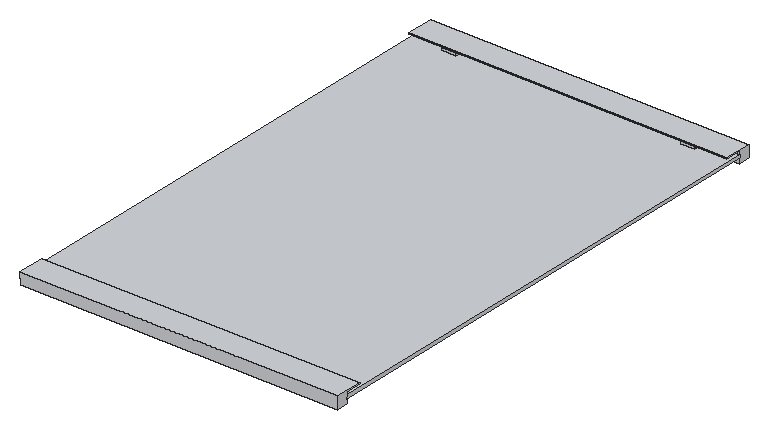
Revit family "GHent - Haven - Outdoor Glassboard", category Generic Models, host Face, Revit 2019
Family settings
  Host = Face
  Can host rebar = No
  Round Connector Dimension = Use Diameter
  Part Type = Normal
  Cut with Voids When Loaded = No
  Shared = No
  Room Calculation Point = No
Parameters (values of type "6'H x 4'W")
  Width = if(Model Type = 0, 4' 0", if(Model Type = 1, 8' 0", if(Model Type = 2, 12' 0", 4' 0")))  # 4' - 0"
  Model Type = 0
  Model = "HVN-64_"
  Manufacturer = "Ghent"  # constant formula
  Glassboard [instance] = none
  Frame [instance] = none
  Description = "Haven Outdoor Glassboard"  # constant formula
  Default Elevation = 4' - 0"
  3 Panel Void = if(Model Type = 2, 0' 3", 0' 0 1/2")  # 0' - 0 1/2"
  3 Panel Supports = Width = 12' 0"  # no
  2 Panel Void = if(Model Type = 1, 0' 3", 0' 0 1/2")  # 0' - 0 1/2"
  2 Panel Supports = Width = 8' 0"  # no
  1 Panel Supports = if(Width = 4' 0", 1 = 1, if(Width = 8' 0", 1 = 0, 1 = 1))  # yes
Types (4): name | Width | Model Type | Model | 3 Panel Void | 3 Panel Supports | 2 Panel Void | 2 Panel Supports | 1 Panel Supports
  (no name) | 4' - 0" | 0 | "HVN-64_" | 0' - 0 1/2" | no | 0' - 0 1/2" | no | yes
  6'H x 4'W | 4' - 0" | 0 | "HVN-64_" | 0' - 0 1/2" | no | 0' - 0 1/2" | no | yes
  6'H x 8'W | 8' - 0" | 1 | "HVN-68_" | 0' - 0 1/2" | no | 0' - 3" | yes | no
  6'H x 12'W | 12' - 0" | 2 | "HVN-612_" | 0' - 3" | yes | 0' - 0 1/2" | no | yes
Reference planes (in)
  plane 1 "Center (Front/Back)": y = 0
  plane 2: z = 0
  plane 3 "Center (Left/Right)": x = 0
  plane 4 "top": y = 38.6875
  plane 5: x = -24
  plane 6: x = 24
  plane 7 "Center L/S": y = -38.6875
Forms (in)
  Sweep 1, solid, material <- "Frame"
    path origin (0, 0, 0) x (1, 0, 0) y (0, 1, 0)
      loop
        line (-24, 38.6875) -> (24, 38.6875)
    profile origin (0, 38.6875, 0) x (0, 1, 0) y (0, 0, 1)
      loop
        line (0, 1.8125) -> (-4, 1.8125) -> (-4, 1.6875) -> (-1.625, 1.6875) -> (-1.625, 0) -> (0, 0) -> (0, 1.8125)
  Sweep 2, solid, material <- "Frame"
    path origin (0, 0, 0) x (1, 0, 0) y (0, -1, 0)
      loop
        line (-24, 38.6875) -> (24, 38.6875)
    profile origin (0, -38.6875, 0) x (0, 1, 0) y (0, 0, 1)
      loop
        line (0, 1.8125) -> (0, 0) -> (1.625, 0) -> (1.625, 1.6875) -> (4, 1.6875) -> (4, 1.8125) -> (0, 1.8125)
  Extrusion 3, solid, material <- "Glassboard"
    sketch origin (0, 0, 0) x (1, 0, 0) y (0, 1, 0)
      loop
        line (-24, 37.0625) -> (-24, -37.0625) -> (24, -37.0625) -> (24, 37.0625) -> (-24, 37.0625)
    from 0.71253 to 1.22497
  Extrusion 4, solid, material <- "Frame", visible <- "1 Panel Supports"
    sketch origin (0, 0, 0) x (0, 1, 0) y (0, 0, 1)
      loop
        line (-34.73125, 1.22497) -> (-34.73125, 1.59218) -> (-37.0625, 1.59218) -> (-37.0625, 1.22497) -> (-34.73125, 1.22497)
      loop
        line (-34.73125, 0.34532) -> (-34.73125, 0.71253) -> (-37.0625, 0.71253) -> (-37.0625, 0.34532) -> (-34.73125, 0.34532)
      loop
        line (34.73125, 1.22497) -> (37.0625, 1.22497) -> (37.0625, 1.59218) -> (34.73125, 1.59218) -> (34.73125, 1.22497)
      loop
        line (34.73125, 0.34532) -> (37.0625, 0.34532) -> (37.0625, 0.71253) -> (34.73125, 0.71253) -> (34.73125, 0.34532)
    from -19.0625 to -16.9375
  Extrusion 5, solid, material <- "Frame", visible <- "1 Panel Supports"
    sketch origin (0, 0, 0) x (0, 1, 0) y (0, 0, -1)
      loop
        line (-34.73125, -1.22497) -> (-37.0625, -1.22497) -> (-37.0625, -1.59218) -> (-34.73125, -1.59218) -> (-34.73125, -1.22497)
      loop
        line (-34.73125, -0.34532) -> (-37.0625, -0.34532) -> (-37.0625, -0.71253) -> (-34.73125, -0.71253) -> (-34.73125, -0.34532)
      loop
        line (34.73125, -1.22497) -> (34.73125, -1.59218) -> (37.0625, -1.59218) -> (37.0625, -1.22497) -> (34.73125, -1.22497)
      loop
        line (34.73125, -0.34532) -> (34.73125, -0.71253) -> (37.0625, -0.71253) -> (37.0625, -0.34532) -> (34.73125, -0.34532)
    from -19.0625 to -16.9375
  Extrusion 6, solid, material <- "Frame", visible <- "2 Panel Supports"
    sketch origin (-24.02344, 0, 0) x (0, 1, 0) y (0, 0, 1)
      loop
        line (-34.73125, 1.22497) -> (-34.73125, 1.59218) -> (-37.0625, 1.59218) -> (-37.0625, 1.22497) -> (-34.73125, 1.22497)
      loop
        line (-34.73125, 0.34532) -> (-34.73125, 0.71253) -> (-37.0625, 0.71253) -> (-37.0625, 0.34532) -> (-34.73125, 0.34532)
      loop
        line (34.73125, 1.22497) -> (37.0625, 1.22497) -> (37.0625, 1.59218) -> (34.73125, 1.59218) -> (34.73125, 1.22497)
      loop
        line (34.73125, 0.34532) -> (37.0625, 0.34532) -> (37.0625, 0.71253) -> (34.73125, 0.71253) -> (34.73125, 0.34532)
    from -19.0625 to -16.9375
  Extrusion 7, solid, material <- "Frame", visible <- "2 Panel Supports"
    sketch origin (-24.02344, 0, 0) x (0, 1, 0) y (0, 0, -1)
      loop
        line (-34.73125, -1.22497) -> (-37.0625, -1.22497) -> (-37.0625, -1.59218) -> (-34.73125, -1.59218) -> (-34.73125, -1.22497)
      loop
        line (-34.73125, -0.34532) -> (-37.0625, -0.34532) -> (-37.0625, -0.71253) -> (-34.73125, -0.71253) -> (-34.73125, -0.34532)
      loop
        line (34.73125, -1.22497) -> (34.73125, -1.59218) -> (37.0625, -1.59218) -> (37.0625, -1.22497) -> (34.73125, -1.22497)
      loop
        line (34.73125, -0.34532) -> (34.73125, -0.71253) -> (37.0625, -0.71253) -> (37.0625, -0.34532) -> (34.73125, -0.34532)
    from -19.0625 to -16.9375
  Extrusion 8, solid, material <- "Frame", visible <- "2 Panel Supports"
    sketch origin (24.02344, 0, 0) x (0, 1, 0) y (0, 0, -1)
      loop
        line (-34.73125, -1.22497) -> (-37.0625, -1.22497) -> (-37.0625, -1.59218) -> (-34.73125, -1.59218) -> (-34.73125, -1.22497)
      loop
        line (-34.73125, -0.34532) -> (-37.0625, -0.34532) -> (-37.0625, -0.71253) -> (-34.73125, -0.71253) -> (-34.73125, -0.34532)
      loop
        line (34.73125, -1.22497) -> (34.73125, -1.59218) -> (37.0625, -1.59218) -> (37.0625, -1.22497) -> (34.73125, -1.22497)
      loop
        line (34.73125, -0.34532) -> (34.73125, -0.71253) -> (37.0625, -0.71253) -> (37.0625, -0.34532) -> (34.73125, -0.34532)
    from -19.0625 to -16.9375
  Extrusion 9, solid, material <- "Frame", visible <- "2 Panel Supports"
    sketch origin (24.02344, 0, 0) x (0, 1, 0) y (0, 0, 1)
      loop
        line (-34.73125, 1.22497) -> (-34.73125, 1.59218) -> (-37.0625, 1.59218) -> (-37.0625, 1.22497) -> (-34.73125, 1.22497)
      loop
        line (-34.73125, 0.34532) -> (-34.73125, 0.71253) -> (-37.0625, 0.71253) -> (-37.0625, 0.34532) -> (-34.73125, 0.34532)
      loop
        line (34.73125, 1.22497) -> (37.0625, 1.22497) -> (37.0625, 1.59218) -> (34.73125, 1.59218) -> (34.73125, 1.22497)
      loop
        line (34.73125, 0.34532) -> (37.0625, 0.34532) -> (37.0625, 0.71253) -> (34.73125, 0.71253) -> (34.73125, 0.34532)
    from -19.0625 to -16.9375
  Extrusion 10, solid, material <- "Frame", visible <- "3 Panel Supports"
    sketch origin (-48.04687, 0, 0) x (0, 1, 0) y (0, 0, 1)
      loop
        line (-34.73125, 1.22497) -> (-34.73125, 1.59218) -> (-37.0625, 1.59218) -> (-37.0625, 1.22497) -> (-34.73125, 1.22497)
      loop
        line (-34.73125, 0.34532) -> (-34.73125, 0.71253) -> (-37.0625, 0.71253) -> (-37.0625, 0.34532) -> (-34.73125, 0.34532)
      loop
        line (34.73125, 1.22497) -> (37.0625, 1.22497) -> (37.0625, 1.59218) -> (34.73125, 1.59218) -> (34.73125, 1.22497)
      loop
        line (34.73125, 0.34532) -> (37.0625, 0.34532) -> (37.0625, 0.71253) -> (34.73125, 0.71253) -> (34.73125, 0.34532)
    from -19.0625 to -16.9375
  Extrusion 11, solid, material <- "Frame", visible <- "3 Panel Supports"
    sketch origin (-48.04687, 0, 0) x (0, 1, 0) y (0, 0, -1)
      loop
        line (-34.73125, -1.22497) -> (-37.0625, -1.22497) -> (-37.0625, -1.59218) -> (-34.73125, -1.59218) -> (-34.73125, -1.22497)
      loop
        line (-34.73125, -0.34532) -> (-37.0625, -0.34532) -> (-37.0625, -0.71253) -> (-34.73125, -0.71253) -> (-34.73125, -0.34532)
      loop
        line (34.73125, -1.22497) -> (34.73125, -1.59218) -> (37.0625, -1.59218) -> (37.0625, -1.22497) -> (34.73125, -1.22497)
      loop
        line (34.73125, -0.34532) -> (34.73125, -0.71253) -> (37.0625, -0.71253) -> (37.0625, -0.34532) -> (34.73125, -0.34532)
    from -19.0625 to -16.9375
  Extrusion 12, solid, material <- "Frame", visible <- "3 Panel Supports"
    sketch origin (48.04687, 0, 0) x (0, 1, 0) y (0, 0, -1)
      loop
        line (-34.73125, -1.22497) -> (-37.0625, -1.22497) -> (-37.0625, -1.59218) -> (-34.73125, -1.59218) -> (-34.73125, -1.22497)
      loop
        line (-34.73125, -0.34532) -> (-37.0625, -0.34532) -> (-37.0625, -0.71253) -> (-34.73125, -0.71253) -> (-34.73125, -0.34532)
      loop
        line (34.73125, -1.22497) -> (34.73125, -1.59218) -> (37.0625, -1.59218) -> (37.0625, -1.22497) -> (34.73125, -1.22497)
      loop
        line (34.73125, -0.34532) -> (34.73125, -0.71253) -> (37.0625, -0.71253) -> (37.0625, -0.34532) -> (34.73125, -0.34532)
    from -19.0625 to -16.9375
  Extrusion 13, solid, material <- "Frame", visible <- "3 Panel Supports"
    sketch origin (48.04687, 0, 0) x (0, 1, 0) y (0, 0, 1)
      loop
        line (-34.73125, 1.22497) -> (-34.73125, 1.59218) -> (-37.0625, 1.59218) -> (-37.0625, 1.22497) -> (-34.73125, 1.22497)
      loop
        line (-34.73125, 0.34532) -> (-34.73125, 0.71253) -> (-37.0625, 0.71253) -> (-37.0625, 0.34532) -> (-34.73125, 0.34532)
      loop
        line (34.73125, 1.22497) -> (37.0625, 1.22497) -> (37.0625, 1.59218) -> (34.73125, 1.59218) -> (34.73125, 1.22497)
      loop
        line (34.73125, 0.34532) -> (37.0625, 0.34532) -> (37.0625, 0.71253) -> (34.73125, 0.71253) -> (34.73125, 0.34532)
    from -19.0625 to -16.9375
  Extrusion 14, void
    sketch origin (0, 0, 0) x (1, 0, 0) y (0, 1, 0)
      loop
        line (-0.03125, 41.6875) -> (-0.03125, -44.3125) -> (0.03125, -44.3125) -> (0.03125, 41.6875) -> (-0.03125, 41.6875)
    from 0 to 0.5 <- "2 Panel Void"
  Extrusion 15, void
    sketch origin (-24, 0, 0) x (1, 0, 0) y (0, 1, 0)
      loop
        line (-0.03125, 41.6875) -> (-0.03125, -44.3125) -> (0.03125, -44.3125) -> (0.03125, 41.6875) -> (-0.03125, 41.6875)
      loop
        line (48.03125, 41.6875) -> (47.96875, 41.6875) -> (47.96875, -44.3125) -> (48.03125, -44.3125) -> (48.03125, 41.6875)
    from 0 to 0.5 <- "3 Panel Void"
Cuts and joins
  Extrusion 14, Extrusion 15 cuts Extrusion 3
Lines and regions (in)
  Masking region 1
    outline origin (0, 0, 0) x (1, 0, 0) y (0, 0, 1)
      loop
        line (-24, 1.8125) -> (-24, 0) -> (24, 0) -> (24, 1.8125) -> (-24, 1.8125)
  symbolic lines, detail levels fine
    curve 1: line (-24, 0, 1.22497) -> (24, 0, 1.22497)
    curve 2: line (-24, 0, 0.71253) -> (24, 0, 0.71253)
Dimensions and locks (in)
  equal spacing: plane 5, plane 3 "Center (Left/Right)", plane 6
  "Width": plane 5 to plane 6
  locked: Extrusion 15 sketch curve to Extrusion 15 sketch curve at 0.0625  (x2)
  locked: plane 3 "Center (Left/Right)" to Extrusion 15 sketch curve at 23.96875
  locked: Extrusion 15 sketch curve to plane 3 "Center (Left/Right)" at 23.96875
  aligned and locked: plane 2 to host face
  aligned and locked: level to host face
  aligned and locked: plane 5 to Sweep 1 sketch curve
  aligned and locked: plane 6 to Sweep 1 sketch curve
  aligned and locked: Sweep 1 sketch curve to plane 4 "top"
  aligned and locked: plane 7 "Center L/S" to Sweep 2 sketch curve
  aligned and locked: plane 5 to Sweep 2 sketch curve
  aligned and locked: plane 6 to Sweep 2 sketch curve
  aligned and locked: plane 5 to Extrusion 3 sketch curve
  aligned and locked: plane 6 to Extrusion 3 sketch curve
  aligned and locked: Extrusion 3 sketch curve to Sweep 1
  aligned and locked: Extrusion 3 sketch curve to Sweep 2
  aligned and locked: Extrusion 3 to plane 5
  aligned and locked: Extrusion 3 to plane 6
  aligned and locked: plane 6 to Masking region 1 sketch curve
  aligned and locked: plane 5 to Masking region 1 sketch curve
  aligned and locked: plane 6 to curve 1
  aligned and locked: plane 5 to curve 1
  aligned and locked: plane 5 to curve 2
  aligned and locked: plane 6 to curve 2
Automatic sketch dimensions
  host sketch curve to host sketch curve = 8' - 0"  (x2)
  Sweep 1 sketch curve to level = 0' - 0"
  Sweep 1 sketch curve to profile plane = 0' - 0"
  profile plane to Sweep 1 sketch curve = 0' - 1 5/8"
  Sweep 1 sketch curve to Sweep 1 sketch curve = 0' - 2 3/8"
  Sweep 1 sketch curve to Sweep 1 sketch curve = 0' - 1 11/16"
  Sweep 1 sketch curve to Sweep 1 sketch curve = 0' - 0 1/8"
  Sweep 2 sketch curve to profile plane = 0' - 0"
  Sweep 2 sketch curve to level = 0' - 0"
  Sweep 2 sketch curve to profile plane = 0' - 1 5/8"
  Sweep 2 sketch curve to Sweep 2 sketch curve = 0' - 2 3/8"
  Sweep 2 sketch curve to Sweep 2 sketch curve = 0' - 1 11/16"
  Sweep 2 sketch curve to Sweep 2 sketch curve = 0' - 0 1/8"
  level to Extrusion 4 sketch curve = 0' - 0.34532"  (x2)
  Extrusion 4 sketch curve to plane 7 "Center L/S" = 0' - 1 5/8"
  Extrusion 4 sketch curve to Extrusion 4 sketch curve = 0' - 0"  (x4)
  level to Extrusion 4 sketch curve = 0' - 0.71253"
  Extrusion 4 sketch curve to Extrusion 4 sketch curve = 0' - 2.33125"
  level to Extrusion 4 sketch curve = 0' - 1.22497"
  Extrusion 4 sketch curve to plane 4 "top" = 0' - 3.95625"
  Extrusion 4 sketch curve to plane 4 "top" = 0' - 1 5/8"
  Extrusion 4 sketch curve to Extrusion 4 sketch curve = 0' - 0 47/128"  (x3)
  Extrusion 4 sketch curve to Extrusion 4 sketch curve = 0' - 0.51244"
  level to Extrusion 5 sketch curve = 0' - 0.34532"  (x2)
  Extrusion 5 sketch curve to plane 7 "Center L/S" = 0' - 1 5/8"
  Extrusion 5 sketch curve to Extrusion 5 sketch curve = 0' - 0"  (x4)
  level to Extrusion 5 sketch curve = 0' - 0.71253"
  Extrusion 5 sketch curve to Extrusion 5 sketch curve = 0' - 2.33125"
  level to Extrusion 5 sketch curve = 0' - 1.22497"
  Extrusion 5 sketch curve to plane 4 "top" = 0' - 3.95625"
  Extrusion 5 sketch curve to plane 4 "top" = 0' - 1 5/8"
  Extrusion 5 sketch curve to Extrusion 5 sketch curve = 0' - 0 47/128"  (x3)
  Extrusion 5 sketch curve to Extrusion 5 sketch curve = 0' - 0.87965"
  level to Extrusion 6 sketch curve = 0' - 0.34532"  (x2)
  Extrusion 6 sketch curve to plane 7 "Center L/S" = 0' - 1 5/8"
  Extrusion 6 sketch curve to Extrusion 6 sketch curve = 0' - 0"  (x4)
  level to Extrusion 6 sketch curve = 0' - 0.71253"
  Extrusion 6 sketch curve to Extrusion 6 sketch curve = 0' - 2.33125"
  level to Extrusion 6 sketch curve = 0' - 1.22497"
  Extrusion 6 sketch curve to plane 4 "top" = 0' - 3.95625"
  Extrusion 6 sketch curve to plane 4 "top" = 0' - 1 5/8"
  Extrusion 6 sketch curve to Extrusion 6 sketch curve = 0' - 0 47/128"  (x3)
  Extrusion 6 sketch curve to Extrusion 6 sketch curve = 0' - 0.51244"
  level to Extrusion 7 sketch curve = 0' - 0.34532"  (x2)
  Extrusion 7 sketch curve to plane 7 "Center L/S" = 0' - 1 5/8"
  Extrusion 7 sketch curve to Extrusion 7 sketch curve = 0' - 0"  (x4)
  level to Extrusion 7 sketch curve = 0' - 0.71253"
  Extrusion 7 sketch curve to Extrusion 7 sketch curve = 0' - 2.33125"
  level to Extrusion 7 sketch curve = 0' - 1.22497"
  Extrusion 7 sketch curve to plane 4 "top" = 0' - 3.95625"
  Extrusion 7 sketch curve to plane 4 "top" = 0' - 1 5/8"
  Extrusion 7 sketch curve to Extrusion 7 sketch curve = 0' - 0 47/128"  (x3)
  Extrusion 7 sketch curve to Extrusion 7 sketch curve = 0' - 0.87965"
  level to Extrusion 8 sketch curve = 0' - 0.34532"  (x2)
  Extrusion 8 sketch curve to plane 7 "Center L/S" = 0' - 1 5/8"
  Extrusion 8 sketch curve to Extrusion 8 sketch curve = 0' - 0"  (x4)
  level to Extrusion 8 sketch curve = 0' - 0.71253"
  Extrusion 8 sketch curve to Extrusion 8 sketch curve = 0' - 2.33125"
  level to Extrusion 8 sketch curve = 0' - 1.22497"
  Extrusion 8 sketch curve to plane 4 "top" = 0' - 3.95625"
  Extrusion 8 sketch curve to plane 4 "top" = 0' - 1 5/8"
  Extrusion 8 sketch curve to Extrusion 8 sketch curve = 0' - 0 47/128"  (x3)
  Extrusion 8 sketch curve to Extrusion 8 sketch curve = 0' - 0.87965"
  level to Extrusion 9 sketch curve = 0' - 0.34532"  (x2)
  Extrusion 9 sketch curve to plane 7 "Center L/S" = 0' - 1 5/8"
  Extrusion 9 sketch curve to Extrusion 9 sketch curve = 0' - 0"  (x4)
  level to Extrusion 9 sketch curve = 0' - 0.71253"
  Extrusion 9 sketch curve to Extrusion 9 sketch curve = 0' - 2.33125"
  level to Extrusion 9 sketch curve = 0' - 1.22497"
  Extrusion 9 sketch curve to plane 4 "top" = 0' - 3.95625"
  Extrusion 9 sketch curve to plane 4 "top" = 0' - 1 5/8"
  Extrusion 9 sketch curve to Extrusion 9 sketch curve = 0' - 0 47/128"  (x3)
  Extrusion 9 sketch curve to Extrusion 9 sketch curve = 0' - 0.51244"
  level to Extrusion 10 sketch curve = 0' - 0.34532"  (x2)
  Extrusion 10 sketch curve to plane 7 "Center L/S" = 0' - 1 5/8"
  Extrusion 10 sketch curve to Extrusion 10 sketch curve = 0' - 0"  (x4)
  level to Extrusion 10 sketch curve = 0' - 0.71253"
  Extrusion 10 sketch curve to Extrusion 10 sketch curve = 0' - 2.33125"
  level to Extrusion 10 sketch curve = 0' - 1.22497"
  Extrusion 10 sketch curve to plane 4 "top" = 0' - 3.95625"
  Extrusion 10 sketch curve to plane 4 "top" = 0' - 1 5/8"
  Extrusion 10 sketch curve to Extrusion 10 sketch curve = 0' - 0 47/128"  (x3)
  Extrusion 10 sketch curve to Extrusion 10 sketch curve = 0' - 0.51244"
  level to Extrusion 11 sketch curve = 0' - 0.34532"  (x2)
  Extrusion 11 sketch curve to plane 7 "Center L/S" = 0' - 1 5/8"
  Extrusion 11 sketch curve to Extrusion 11 sketch curve = 0' - 0"  (x4)
  level to Extrusion 11 sketch curve = 0' - 0.71253"
  Extrusion 11 sketch curve to Extrusion 11 sketch curve = 0' - 2.33125"
  level to Extrusion 11 sketch curve = 0' - 1.22497"
  Extrusion 11 sketch curve to plane 4 "top" = 0' - 3.95625"
  Extrusion 11 sketch curve to plane 4 "top" = 0' - 1 5/8"
  Extrusion 11 sketch curve to Extrusion 11 sketch curve = 0' - 0 47/128"  (x3)
  Extrusion 11 sketch curve to Extrusion 11 sketch curve = 0' - 0.87965"
  level to Extrusion 12 sketch curve = 0' - 0.34532"  (x2)
  Extrusion 12 sketch curve to plane 7 "Center L/S" = 0' - 1 5/8"
  Extrusion 12 sketch curve to Extrusion 12 sketch curve = 0' - 0"  (x4)
  level to Extrusion 12 sketch curve = 0' - 0.71253"
  Extrusion 12 sketch curve to Extrusion 12 sketch curve = 0' - 2.33125"
  level to Extrusion 12 sketch curve = 0' - 1.22497"
  Extrusion 12 sketch curve to plane 4 "top" = 0' - 3.95625"
  Extrusion 12 sketch curve to plane 4 "top" = 0' - 1 5/8"
  Extrusion 12 sketch curve to Extrusion 12 sketch curve = 0' - 0 47/128"  (x3)
  Extrusion 12 sketch curve to Extrusion 12 sketch curve = 0' - 0.87965"
  level to Extrusion 13 sketch curve = 0' - 0.34532"  (x2)
  Extrusion 13 sketch curve to plane 7 "Center L/S" = 0' - 1 5/8"
  Extrusion 13 sketch curve to Extrusion 13 sketch curve = 0' - 0"  (x4)
  level to Extrusion 13 sketch curve = 0' - 0.71253"
  Extrusion 13 sketch curve to Extrusion 13 sketch curve = 0' - 2.33125"
  level to Extrusion 13 sketch curve = 0' - 1.22497"
  Extrusion 13 sketch curve to plane 4 "top" = 0' - 3.95625"
  Extrusion 13 sketch curve to plane 4 "top" = 0' - 1 5/8"
  Extrusion 13 sketch curve to Extrusion 13 sketch curve = 0' - 0 47/128"  (x3)
  Extrusion 13 sketch curve to Extrusion 13 sketch curve = 0' - 0.51244"
  Extrusion 14 sketch curve to plane 3 "Center (Left/Right)" = 0' - 0 1/32"
  plane 3 "Center (Left/Right)" to Extrusion 14 sketch curve = 0' - 0 1/32"
  plane 7 "Center L/S" to Extrusion 14 sketch curve = 0' - 5 5/8"
  plane 4 "top" to Extrusion 14 sketch curve = 0' - 3"
  plane 7 "Center L/S" to Extrusion 15 sketch curve = 0' - 5 5/8"  (x2)
  plane 4 "top" to Extrusion 15 sketch curve = 0' - 3"  (x2)
  Masking region 1 sketch curve to level = 0' - 0"
  Masking region 1 sketch curve to Masking region 1 sketch curve = 0' - 1 13/16"
  level to curve 2 = 0' - 0.71253"
  curve 2 to curve 1 = 0' - 0.51244"
